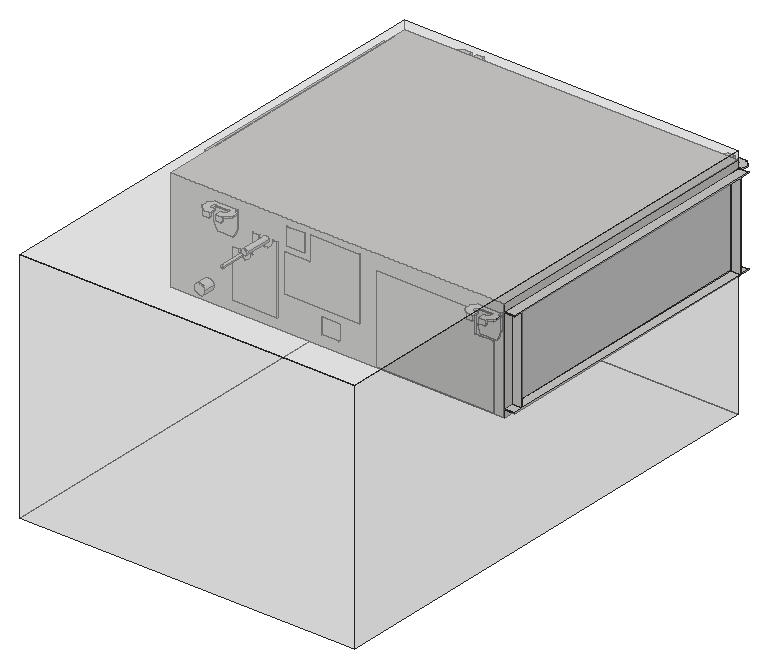
Revit family "outputfile", category 機械設備, Revit 2024
Family settings
  丸型コネクタ寸法 = 半径を使用
  パーツ タイプ = 標準
  OmniClass 番号 = 23.75.10.24.21.27.27
  OmniClass タイトル = Split System Air Conditioning Units
  作業面ベース = いいえ
  常に垂直 = はい
  ロード時にボイドで切り取り = いいえ
  注釈の向きを維持 = いいえ
  共有 = いいえ
  部屋計算ポイント = はい
Parameters (values of type "FBFC13DV2S")
  Description = ""
  製造元 = "Daikin"
  書き出し IFC クラス(タイプ) = "IfcUnitaryEquipmentType"
  定義済み IFC タイプ(タイプ) = "AIRCONDITIONINGUNIT"
  Cost = 0
  モデル = "FBFC13DV2S"
  Type Comments = ""
  Keynote = ""
  Type Image = (empty or 0)
  Assembly Code = ""
  switch_frequency = yes
  r_Liquid Pipe Size = Liquid Pipe Size / 2  # 3.2 mm
  r_Gas Pipe Size = Gas Pipe Size / 2  # 6.35 mm
  r_Drain Pipe Size = Drain Pipe Size / 2  # 12.5 mm
  lw_power = 770.0 mm  # constant formula
  lh_SA = 138.0 mm  # constant formula
  lw_SA = if(Depth = 550.0 mm, 225.0 mm, if(Depth = 700.0 mm, 300.0 mm, if(Depth = 1000.0 mm, 450.0 mm, if(Depth = 1400.0 mm, 650.0 mm, 725.0 mm))))  # 300.0 mm
  lw_RA = if(Depth = 550.0 mm, 275.0 mm, if(Depth = 700.0 mm, 349.0 mm, if(Depth = 1000.0 mm, 499.0 mm, if(Depth = 1400.0 mm, 699.0 mm, 775.0 mm))))  # 349.0 mm
  lh_power = 60.0 mm + [h***]  # 60.0 mm
  lh_mountinghole1 = lh_mountinghole + [h***]  # 222.0 mm
  lh_RA = 123.0 mm  # constant formula
  ld_power = Depth / 2  # 350.0 mm
  connector_voltage = Voltage_50Hz  # 220 V
  connector_powerinput = [Power Input (Cooling)]  # 0.000 kW
  connector_phase = Phase_50Hz  # 1
  Voltage_comment_50Hz = "220 - 240"
  Voltage_50Hz = 220 V
  URL = ""
  Supply Air Direction [instance] = yes
  Sound Power Level_H speed (dB) = 0
  Phase_50Hz = 1
  Minimum External Static Pressure = 30.00 Pa
  Minimum Circuit Amps_50Hz = 0.0 A
  Maximum Fuse Amps_50Hz = 0.0 A
  Maximum External Static Pressure = 130.00 Pa
  Material_Casing = DAIKIN_GalvanizedSteel_Casing_indoorunit
  lw_mountinghole = 630.0 mm  # constant formula
  lh_gaspipe = 183.0 mm + [h***]  # 183.0 mm
  lh_mountinghole = 222.0 mm  # constant formula
  lh_liquidpipe = 136.0 mm + [h***]  # 136.0 mm
  lh_drainpipe = 38.0 mm + [h***]  # 38.0 mm
  lh_antena = Height - lh_mountinghole + 1.0 mm  # 24.0 mm
  ld_drainpipe = Depth / 2 + 26.0 mm  # 376.0 mm
  ld_liquidpipe = Depth / 2 + 69.0 mm  # 419.0 mm
  ld_gaspipe = Depth / 2 + 65.0 mm  # 415.0 mm
  ld_mountinghole = Depth + 38.0 mm  # 738.0 mm
  h*** = 0.0 mm  # constant formula
  lw_liquidpipe = 179.0 mm  # constant formula
  lw_gaspipe = 229.0 mm  # constant formula
  lw_drainpipe = 91.0 mm  # constant formula
  Width = 800.0 mm
  Version = "ver.1.0"
  Unit Type = "M.S.P. Duct"
  Unit Mass Weight = 26.00 kg
  Unit Designation [instance] = ""
  Uniclass2015Version = "Products v1.30"
  Uniclass2015Title = "Split coil room air conditioning units"
  Uniclass2015Code = "Pr_70_65_03_86"
  Total Cooling Capacity [instance] = 0.000 kW
  Sound Pressure Level_M speed (dBA) = 35
  Sound Pressure Level_L speed (dBA) = 30
  Sound Pressure Level_H speed (dBA) = 37
  Series = "SkyAir_Fan Coil Unit"
  Sensible Cooling Capacity [instance] = 0.000 kW
  SA Duct Size Width = 492.0 mm
  SA Duct Size Height = 176.0 mm
  Refrigerant Type = "R32"
  RA Duct Size Width = 654.0 mm
  RA Duct Size Height = 208.0 mm
  Power Input (Cooling) = 0.000 kW
  Option Accessory 3 [instance] = ""
  Option Accessory 2 [instance] = ""
  Option Accessory 1 [instance] = ""
  Nominal Cooling Capacity = 3.800 kW
  Minimum Airflow = 540.00 m³/h
  Median Airflow = 720.00 m³/h
  Maximum Airflow = 930.00 m³/h
  Load Classification = HVAC
  Liquid Pipe Size = 6.4 mm
  Link_Nested Family [instance] = ""
  IfcVersion = ""
  IfcExportType = "AIRCONDITIONINGUNIT"
  IfcExportAs = "IfcUnitaryEquipmentType"
  Height = 245.0 mm
  Heat Exchanger Type = "Cross Fin Coil"
  Gas Pipe Size = 12.7 mm
  Frequency_50Hz = 50 Hz
  Fan Type = "Sirocco Fan"
  Fan Drive = "Direct Drive"
  FCU Tag No. [instance] = ""
  Drain Pipe Size = 25.0 mm
  Design Supply Airflow [instance] = 0.00 m³/h
  Design Return Airflow [instance] = 0.00 m³/h
  Design External Static Pressure [instance] = 0.00 Pa
  Depth = 700.0 mm
  既定の高さ = 0.0 mm
  Cooling Entering Wet Bulb Temperature [instance] = 0.00 °C
  Cooling Entering Dry Bulb Temperature [instance] = 0.00 °C
  Cooling Ambient Wet Bulb Temperature [instance] = 0.00 °C
  Cooling Ambient Dry Bulb Temperature [instance] = 0.00 °C
  Clearance visibility [instance] = yes
  Clearance Top = 20.0 mm
  Clearance Right = 0.0 mm
  Clearance Rear = 0.0 mm
  Clearance Left = 0.0 mm
  Clearance Front = 450.0 mm
  Clearance Bottom = 300.0 mm
Reference planes
  plane 1 "Center (Front/Back)": y = 0
  plane 2 "h": z = 0
  plane 3 "Center (Left/Right)": x = 0
  plane 4 "Back": y = 350
  plane 5 "Front": y = -350
  plane 6 "Left": x = -400
  plane 7 "Right": x = 400
  plane 8 "Top": z = 0
  plane 9 "Bottom": z = -245
  plane 10: y = -215
  plane 11: y = 350
  plane 12: y = -800
  plane 13: x = -400
  plane 14: x = 400
  plane 15: z = 20
  plane 16: z = -545
  plane 17: x = -400
  plane 18: x = -399
  plane 19: x = 399
  plane 20: y = 50
  plane 21: y = -1
  plane 22: z = -122
  plane 23: y = -351
  plane 24: z = -109
  plane 25: x = -221
  plane 26: y = -415
  plane 27: z = -62
  plane 28: x = -171
  plane 29: y = -376
  plane 30: z = -207
  plane 31: x = -309
  plane 32: x = -309
  plane 33: x = -221
  plane 34: x = -171
  plane 35: x = 370
  plane 36: x = -266
  plane 37: x = 364
  plane 38: y = -369
  plane 39: y = 369
  plane 40: z = -23
  plane 41: z = -107
  plane 42: y = -419
  plane 43: y = -376
  plane 44: x = -251
  plane 45: x = -203
  plane 46: x = -144
  plane 47: z = -59
  plane 48: z = -106
  plane 49: z = -221
  plane 50: z = -109
  plane 51: x = -221
  plane 52: z = -62
  plane 53: x = -171
  plane 54: z = -17
  plane 55: z = -59
  plane 56: x = -121
  plane 57: x = -79
  plane 58: x = -125
  plane 59: x = -64
  plane 60: x = 53
  plane 61: z = -164
  plane 62: z = -73
  plane 63: z = -16
  plane 64: x = 93.5
  plane 65: x = 374.5
  plane 66: x = 330
  plane 67: z = -88.5
  plane 68: z = -38
  plane 69: z = -242.5
  plane 70: x = -38.5
  plane 71: x = 6.5
  plane 72: z = -181
  plane 73: z = -221
  plane 74: y = -349
  plane 75: x = -424
  plane 76: x = 424
Forms (mm)
  Extrusion 1, solid, material "DAIKIN_GalvanizedSteel_Casing_indoorunit" <- "Material_Casing"
    sketch origin (0, 0, 0) x (1, 0, 0) y (0, 1, 0)
      loop
        line (-399, 350) -> (-399, -350) -> (399, -350) -> (399, 350) -> (-399, 350)
    from -245 to 0
  Extrusion 2, solid, material "DAIKIN_GalvanizedSteel_Casing_indoorunit" <- "Material_Casing"
    sketch origin (0, 0, 0) x (1, 0, 0) y (0, 0, 1)
      loop
        line (-251, -221) -> (-144, -221) -> (-144, -59) -> (-154.47, -59)
        arc (-154.47, -59) -> (-171, -78.8) -> (-187.53, -59) r 16.8
        line (-187.53, -59) -> (-203, -59) -> (-203, -106) -> (-206.916, -106)
        arc (-206.916, -106) -> (-221, -123.4) -> (-235.084, -106) r 14.4
        line (-235.084, -106) -> (-251, -106) -> (-251, -221)
    from 350 to 351
  Extrusion 3, solid, material "DAIKIN_GalvanizedSteel_Casing_indoorunit" <- "Material_Casing"
    sketch origin (0, 0, 0) x (1, 0, 0) y (0, 0, 1)
      loop
        line (-121, -17) -> (-121, -59) -> (-79, -59) -> (-79, -17) -> (-121, -17)
      loop
        line (-125, -73) -> (-125, -164) -> (53, -164) -> (53, -16) -> (-64, -16) -> (-64, -73) -> (-125, -73)
    from 350 to 351
  Extrusion 4, solid, material "DAIKIN_GalvanizedSteel_Casing_indoorunit" <- "Material_Casing"
    sketch origin (0, 0, 0) x (1, 0, 0) y (0, 0, 1)
      loop
        line (93.5, -38) -> (93.5, -242.5) -> (374.5, -242.5) -> (374.5, -88.5) -> (330, -88.5) -> (330, -38) -> (93.5, -38)
    from 350 to 351
  Extrusion 5, solid, material "DAIKIN_GalvanizedSteel_Casing_indoorunit" <- "Material_Casing"
    sketch origin (0, 0, 0) x (1, 0, 0) y (0, 0, 1)
      loop
        circle (-221, -109) r 3.2
    from 350 to 419
  Extrusion 6, solid, material "DAIKIN_GalvanizedSteel_Casing_indoorunit" <- "Material_Casing"
    sketch origin (0, 0, 0) x (1, 0, 0) y (0, 0, 1)
      loop
        circle (-171, -62) r 6.35
    from 350 to 415
  Extrusion 7, solid, material "DAIKIN_GalvanizedSteel_Casing_indoorunit" <- "Material_Casing"
    sketch origin (0, 0, 0) x (1, 0, 0) y (0, 0, 1)
      loop
        circle (-309, -207) r 12.5
    from 350 to 376
  Extrusion 8, void
    sketch origin (0, 0, 0) x (1, 0, 0) y (0, 0, 1)
      loop
        line (-38.5, -181) -> (-38.5, -221) -> (6.5, -221) -> (6.5, -181) -> (-38.5, -181)
    from 349 to 350
Cuts and joins
  Extrusion 8 cuts Extrusion 1
Dimensions and locks
  "Height": plane 8 "Top" to plane 9 "Bottom"
  equal spacing: plane 4 "Back", plane 1 "Center (Front/Back)", plane 5 "Front"
  "Depth": plane 4 "Back" to plane 5 "Front"
  equal spacing: plane 6 "Left", plane 3 "Center (Left/Right)", plane 7 "Right"
  "Width": plane 6 "Left" to plane 7 "Right"
  "Clearance Left": plane 13 to plane 6 "Left"
  "Clearance Right": plane 7 "Right" to plane 14
  "Clearance Rear": plane 11 to plane 4 "Back"
  "Clearance Front": plane 5 "Front" to plane 12
  "Clearance Top": plane 15 to plane 8 "Top"
  "Clearance Bottom": plane 9 "Bottom" to plane 16
  locked: plane 17 to plane 18 at 1
  locked: plane 19 to plane 14 at 1
  "lw_SA": plane 11 to plane 20
  "lw_RA": plane 21 to plane 5 "Front"
  "lh_RA": plane 22 to plane 9 "Bottom"
  locked: plane 5 "Front" to plane 23 at 1
  "lw_liquidpipe": plane 25 to plane 6 "Left"
  "lh_liquidpipe": plane 24 to plane 9 "Bottom"
  "lh_gaspipe": plane 27 to plane 9 "Bottom"
  "lw_gaspipe": plane 28 to plane 6 "Left"
  "ld_gaspipe": plane 26 to plane 1 "Center (Front/Back)"
  "ld_drainpipe": plane 29 to plane 1 "Center (Front/Back)"
  "lh_drainpipe": plane 30 to plane 9 "Bottom"
  "lw_drainpipe": plane 31 to plane 6 "Left"
  "lw_drainpipe": plane 6 "Left" to plane 32
  "lw_liquidpipe": plane 6 "Left" to plane 33
  "lw_gaspipe": plane 6 "Left" to plane 34
  "lw_power": plane 6 "Left" to plane 35
  locked: plane 17 to plane 36 at 134
  "lw_mountinghole": plane 36 to plane 37
  equal spacing: plane 38, plane 1 "Center (Front/Back)", plane 39
  "ld_mountinghole": plane 39 to plane 38
  "lh_mountinghole": plane 40 to plane 9 "Bottom"
  "lh_SA": plane 41 to plane 9 "Bottom"
  locked: plane 5 "Front" to plane 43 at 26
  plane 46 to plane 45 to plane 44 to plane 6 "Left" = 59.0 mm, 48.0 mm, 149.0 mm
  plane 8 "Top" to plane 47 to plane 48 to plane 49 = 59.0 mm locked, 47.0 mm locked, 115.0 mm locked
  plane 53 to plane 51 to plane 6 "Left" = 50.0 mm locked, 179.0 mm locked
  plane 52 to plane 50 to plane 9 "Bottom" = 47.0 mm locked, 136.0 mm locked
  plane 57 to plane 56 to plane 6 "Left" = 42.0 mm locked, 279.0 mm locked
  plane 8 "Top" to plane 54 to plane 55 = 17.0 mm locked, 42.0 mm locked
  plane 60 to plane 59 to plane 58 to plane 6 "Left" = 117.0 mm, 61.0 mm, 275.0 mm
  plane 8 "Top" to plane 63 to plane 62 = 16.0 mm locked, 57.0 mm locked
  locked: plane 63 to plane 61 at 148
  plane 8 "Top" to plane 68 to plane 67 to plane 69 = 38.0 mm locked, 50.5 mm locked, 154.0 mm locked
  plane 65 to plane 66 to plane 64 to plane 6 "Left" = 44.5 mm locked, 236.5 mm locked, 493.5 mm locked
  plane 8 "Top" to plane 72 to plane 73 = 181.0 mm locked, 40.0 mm locked
  plane 71 to plane 70 to plane 6 "Left" = 45.0 mm, 361.5 mm
  locked: plane 74 to plane 5 "Front" at 1
  locked: plane 75 to plane 17 at 24
  locked: plane 14 to plane 76 at 24
  "ld_liquidpipe": plane 42 to plane 1 "Center (Front/Back)"
  "r_Liquid Pipe Size": radius of Extrusion 5 sketch curve
  "r_Gas Pipe Size": radius of Extrusion 6 sketch curve
  "r_Drain Pipe Size": radius of Extrusion 7 sketch curve
  aligned and locked: level to plane 2 "h"
  aligned and locked: plane 8 "Top" to Extrusion 1
  aligned and locked: Extrusion 1 to plane 9 "Bottom"
  aligned and locked: nested 5 to plane 12
  aligned and locked: plane 13 to nested 5
  aligned and locked: plane 14 to nested 5
  aligned and locked: nested 5 to plane 13
  aligned and locked: plane 11 to nested 5
  aligned and locked: plane 15 to nested 5
  aligned and locked: plane 16 to nested 5
  aligned and locked: plane 5 "Front" to Extrusion 1 sketch curve
  aligned and locked: Extrusion 1 to plane 18
  aligned and locked: plane 19 to Extrusion 1
  aligned and locked: nested 7 to plane 18
  aligned and locked: nested 7 to plane 20
  aligned and locked: plane 19 to nested 8
  aligned and locked: plane 21 to nested 8
  aligned and locked: plane 22 to nested 8
  aligned and locked: Extrusion 2 to plane 23
  aligned and locked: plane 5 "Front" to Extrusion 2
  aligned and locked: Extrusion 3 to plane 23
  aligned and locked: plane 5 "Front" to Extrusion 3
  aligned and locked: plane 5 "Front" to Extrusion 4
  aligned and locked: Extrusion 5 sketch curve to plane 25
  aligned and locked: plane 24 to Extrusion 5 sketch curve
  aligned and locked: plane 5 "Front" to Extrusion 5
  aligned and locked: Extrusion 6 sketch curve to plane 28
  aligned and locked: plane 27 to Extrusion 6 sketch curve
  aligned and locked: plane 5 "Front" to Extrusion 6
  aligned and locked: Extrusion 7 sketch curve to plane 31
  aligned and locked: plane 30 to Extrusion 7 sketch curve
  aligned and locked: Extrusion 7 to plane 29
  aligned and locked: nested 3 to plane 29
  aligned and locked: plane 32 to nested 3
  aligned and locked: nested 2 to plane 33
  aligned and locked: nested 1 to plane 34
  aligned and locked: Extrusion 6 to plane 26
  aligned and locked: nested 1 to plane 26
  aligned and locked: nested 6 to plane 5 "Front"
  aligned and locked: nested 6 to plane 35
  aligned and locked: plane 36 to nested 10
  aligned and locked: nested 10 to plane 5 "Front"
  aligned and locked: plane 37 to nested 9
  aligned and locked: nested 9 to plane 5 "Front"
  aligned and locked: nested 11 to plane 36
  aligned and locked: plane 4 "Back" to nested 11
  aligned and locked: nested 12 to plane 37
  aligned and locked: plane 4 "Back" to nested 12
  aligned and locked: plane 40 to nested 10
  aligned and locked: plane 40 to nested 11
  aligned and locked: plane 40 to nested 9
  aligned and locked: plane 40 to nested 12
  aligned and locked: plane 36 to nested 14
  aligned and locked: nested 14 to plane 39
  aligned and locked: plane 37 to nested 13
  aligned and locked: nested 13 to plane 39
  aligned and locked: plane 37 to nested 16
  aligned and locked: plane 38 to nested 16
  aligned and locked: plane 38 to nested 15
  aligned and locked: plane 36 to nested 15
  aligned and locked: plane 17 to plane 6 "Left"
  aligned and locked: plane 41 to nested 7
  aligned and locked: Extrusion 5 to plane 42
  aligned and locked: nested 2 to plane 42
  aligned and locked: Extrusion 3 sketch curve to plane 54
  aligned and locked: Extrusion 3 sketch curve to plane 56
  aligned and locked: plane 55 to Extrusion 3 sketch curve
  aligned and locked: plane 57 to Extrusion 3 sketch curve
  aligned and locked: Extrusion 4 to plane 23
  aligned and locked: Extrusion 8 sketch curve to plane 72
  aligned and locked: plane 73 to Extrusion 8 sketch curve
  aligned and locked: plane 71 to Extrusion 8 sketch curve
  aligned and locked: plane 5 "Front" to Extrusion 8
  aligned and locked: plane 74 to Extrusion 8
  aligned and locked: nested 17 to plane 20
  aligned and locked: nested 17 to plane 75
  aligned and locked: plane 21 to nested 18
  aligned and locked: plane 76 to nested 18
  aligned and locked: plane 41 to nested 17
  aligned and locked: nested 18 to plane 22
  aligned and locked: nested 4 to plane 3 "Center (Left/Right)"
  aligned and locked: plane 1 "Center (Front/Back)" to nested 4
  aligned and locked: level to plane 8 "Top"
  aligned and locked: plane 5 "Front" to Extrusion 7
Automatic sketch dimensions
  plane 6 "Left" to Extrusion 1 sketch curve = 1.0 mm
  Extrusion 1 sketch curve to plane 7 "Right" = 1.0 mm
  Extrusion 1 sketch curve to plane 4 "Back" = 0.0 mm
  Extrusion 2 sketch curve to plane 44 = 0.0 mm
  Extrusion 2 sketch curve to plane 33 = 0.0 mm
  Extrusion 2 sketch curve to plane 45 = 0.0 mm
  Extrusion 2 sketch curve to plane 34 = 0.0 mm
  Extrusion 2 sketch curve to plane 46 = 0.0 mm
  Extrusion 2 sketch curve to plane 49 = 0.0 mm
  Extrusion 2 sketch curve to plane 50 = 0.0 mm
  Extrusion 2 sketch curve to plane 48 = 0.0 mm  (x3)
  Extrusion 2 sketch curve to plane 52 = 0.0 mm
  Extrusion 2 sketch curve to plane 47 = 0.0 mm  (x3)
  plane 33 to Extrusion 2 sketch curve = 14.084 mm
  plane 34 to Extrusion 2 sketch curve = 16.53 mm
  Extrusion 3 sketch curve to plane 58 = 0.0 mm
  Extrusion 3 sketch curve to plane 59 = 0.0 mm
  Extrusion 3 sketch curve to plane 60 = 0.0 mm
  Extrusion 3 sketch curve to plane 61 = 0.0 mm
  Extrusion 3 sketch curve to plane 62 = 0.0 mm
  Extrusion 3 sketch curve to plane 63 = 0.0 mm
  Extrusion 4 sketch curve to plane 64 = 0.0 mm
  Extrusion 4 sketch curve to plane 66 = 0.0 mm
  Extrusion 4 sketch curve to plane 65 = 0.0 mm
  Extrusion 4 sketch curve to plane 69 = 0.0 mm
  Extrusion 4 sketch curve to plane 67 = 0.0 mm
  Extrusion 4 sketch curve to plane 68 = 0.0 mm
  Extrusion 8 sketch curve to plane 70 = 0.0 mm
Nested families
  nested 1: "daikin_connector_rotate2" at (-171, 0, -62), length <- "ld_gaspipe", built-in parameter 1001364 <- "lh_gaspipe", radius <- "r_Gas Pipe Size", type "daikin_connector_rotate2"
    with radius 6.35 mm, length 415.0 mm, angle_vertical 90.00°
  nested 2: "daikin_connector_rotate2" at (-221, 0, -109), length <- "ld_liquidpipe", built-in parameter 1001364 <- "lh_liquidpipe", radius <- "r_Liquid Pipe Size", type "daikin_connector_rotate2"
    with radius 3.2 mm, length 419.0 mm, angle_vertical 90.00°
  nested 3: "daikin_connector_rotate2" at (-309, 0, -207), length <- "ld_drainpipe", built-in parameter 1001364 <- "lh_drainpipe", radius <- "r_Drain Pipe Size", type "daikin_connector_rotate2"
    with radius 12.5 mm, length 376.0 mm, angle_vertical 90.00°
  nested 4: "daikin_△_symbolicline" at (0, 0, 245) x (0, -1, 0) z (0, 0, 1), built-in parameter 1001364 <- "Height", visible <- "Supply Air Direction", type "daikin_△_symbolicline"
    with length 200.0 mm
  nested 5: "daikin_clearancespace" at (0, -225, -262.381), visible <- "Clearance visibility", show <- "Clearance visibility", Link_Nested Family <- "Link_Nested Family", type "daikin_clearancespace"
    with width 800.0 mm, show yes, height 565.0 mm, depth 1150.0 mm, Link_Nested Family ""
  nested 6: "daikin_connector_rotate2" at (370, 0, -185), built-in parameter 1001364 <- "lh_power", length <- "ld_power", type "daikin_connector_rotate2"
    with radius 10.0 mm, length 350.0 mm, angle_vertical 90.00°
  nested 7: "daikin_ductflange_FBFC-DV2S2" at (-399, 50, -107) x (0, -1, 0) z (0, 0, 1), type "daikin_ductflange_FBFC-DV2S2"
    with width 492.0 mm, w 700.0 mm
  nested 8: "daikin_ductflange_FBFC-DV2S" at (399, -1, -122) x (0, 1, 0) z (0, 0, 1), type "daikin_ductflange_FBFC-DV2S"
  nested 9: "daikin_hangerfixture_FBFC-DV2S" at (364, -350, -23), type "daikin_hangerfixture_FBFC-DV2S"
  nested 10: "daikin_hangerfixture_FBFC-DV2S" at (-266, -350, -23), type "daikin_hangerfixture_FBFC-DV2S"
  nested 11: "daikin_hangerfixture_FBFC-DV2S" at (-266, 350, -23) x (-1, 0, 0) z (0, 0, 1), type "daikin_hangerfixture_FBFC-DV2S"
  nested 12: "daikin_hangerfixture_FBFC-DV2S" at (364, 350, -23) x (-1, 0, 0) z (0, 0, 1), type "daikin_hangerfixture_FBFC-DV2S"
  nested 13: "daikin_mountinghole" at (364, 369, -245), h_mountinghole <- "lh_mountinghole1", l_antenna <- "lh_antena", Link_Nested Family <- "Link_Nested Family", type "daikin_mountinghole"
    with show yes, l_antenna 24.0 mm, h_mountinghole 222.0 mm, Link_Nested Family ""
  nested 14: "daikin_mountinghole" at (-266, 369, -245), h_mountinghole <- "lh_mountinghole1", l_antenna <- "lh_antena", Link_Nested Family <- "Link_Nested Family", type "daikin_mountinghole"
    with show yes, l_antenna 24.0 mm, h_mountinghole 222.0 mm, Link_Nested Family ""
  nested 15: "daikin_mountinghole" at (-266, -369, -245), h_mountinghole <- "lh_mountinghole1", l_antenna <- "lh_antena", Link_Nested Family <- "Link_Nested Family", type "daikin_mountinghole"
    with show yes, l_antenna 24.0 mm, h_mountinghole 222.0 mm, Link_Nested Family ""
  nested 16: "daikin_mountinghole" at (364, -369, -245), h_mountinghole <- "lh_mountinghole1", l_antenna <- "lh_antena", Link_Nested Family <- "Link_Nested Family", type "daikin_mountinghole"
    with show yes, l_antenna 24.0 mm, h_mountinghole 222.0 mm, Link_Nested Family ""
  nested 17: "daikin_connector_rotate2" at (-400, 50, -107) x (0, -1, 0) z (0, 0, 1), type "daikin_connector_rotate2"
    with radius 10.0 mm, length 24.0 mm, angle_vertical 90.00°
  nested 18: "daikin_connector_rotate2" at (400, -1, -122) x (0, 1, 0) z (0, 0, 1), type "daikin_connector_rotate2"
    with radius 10.0 mm, length 24.0 mm, angle_vertical 90.00°
Connectors
  piping at (-309, -376, -207), diameter 25, driven by "r_Drain Pipe Size"
    settings: on nested 3, index 3, connector inside diameter 609.6 mm, connector length 0.0 mm, flow factor 0, pipe flow 0.00 m³/h, pressure drop 0.0 Pa, fitting loss kfactor 0, connector angle 0.00°, fixture units 0, engagement length 0.0 mm, angle of deflection 0.00°, flow configuration 1, flow direction 2, fitting loss method 4, system type 16, joint type 0, gender type 0, connector reference index -1, connector utility 0, adjustable connector no, is connector primary yes, connector description "Condensate Drain Piping"
  piping at (-171, -415, -62), diameter 12.7, driven by "r_Gas Pipe Size"
    settings: on nested 1, index 4, connector inside diameter 609.6 mm, connector length 0.0 mm, flow factor 0, pipe flow 0.00 m³/h, pressure drop 0.0 Pa, fitting loss kfactor 0, connector angle 0.00°, fixture units 0, engagement length 0.0 mm, angle of deflection 0.00°, flow configuration 1, flow direction 2, fitting loss method 0, system type 29, joint type 0, gender type 0, connector reference index -1, connector utility 0, adjustable connector no, is connector primary no, connector description "Refrigerant Gas Piping"
  piping at (-221, -419, -109), diameter 6.4, driven by "r_Liquid Pipe Size"
    settings: on nested 2, index 5, connector inside diameter 609.6 mm, connector length 0.0 mm, flow factor 0, pipe flow 0.00 m³/h, pressure drop 0.0 Pa, fitting loss kfactor 0, connector angle 0.00°, fixture units 0, engagement length 0.0 mm, angle of deflection 0.00°, flow configuration 1, flow direction 1, fitting loss method 0, system type 29, joint type 0, gender type 0, connector reference index -1, connector utility 0, adjustable connector no, is connector primary no, connector description "Refrigerant Liquid Piping"
  electrical at (370, -350, -185), driven by "Load Classification", driven by "connector_powerinput", driven by "connector_phase", driven by "connector_voltage"
    settings: on nested 6, index 6, voltage 220 V, apparent load 0 VA, apparent load phase1 0 VA, apparent load phase2 0 VA, apparent load phase3 0 VA, power factor 1, load classification "HVAC", number of poles 1, system type 30, power factor state 1, is connector primary yes, connector utility no, sub classification motor no, connector description "Power Supply"
  hvac at (-424, 50, -107), driven by "SA Duct Size Height", driven by "SA Duct Size Width"
    settings: on nested 17, index 7, duct flow 0.00 m³/h, flow factor 0, pres drop 0.00 Pa, loss coef 0, conn angle 0.00°, conn width 492.0 mm, conn height 176.0 mm, conn diameter 609.6 mm, duct sys type 1, conn prof type 1, flow config 0, flow direction 2, loss method 4, conn ref index -1, conn util no, is conn primary yes, conn desc "SA Duct"
  hvac at (424, -1, -122), driven by "RA Duct Size Height", driven by "RA Duct Size Width"
    settings: on nested 18, index 8, duct flow 0.00 m³/h, flow factor 0, pres drop 0.00 Pa, loss coef 0, conn angle 0.00°, conn width 654.0 mm, conn height 208.0 mm, conn diameter 609.6 mm, duct sys type 2, conn prof type 1, flow config 0, flow direction 1, loss method 4, conn ref index -1, conn util no, is conn primary no, conn desc "RA Duct"
Definition of nested family "daikin_clearancespace"
  Parameters (values of type "daikin_clearancespace")
    Description = "daikin_clearancespace"
    width [instance] = 1823.963 mm
    show [instance] = yes
    material = none
    height [instance] = 1359.762 mm
    depth [instance] = 880.0 mm
    Default Elevation = 0.0 mm
    Link_Nested Family [instance] = ""
  Reference planes
    plane 1 "Center (Front/Back)": y = 0
    plane 2 "Center (Elevation)": z = -0.119
    plane 3 "Center (Left/Right)": x = 0
    plane 4: y = 440
    plane 5: y = -440
    plane 6 "Right": x = 911.982
    plane 7 "Left": x = -911.982
    plane 8 "Top": z = 679.762
    plane 9 "Bottom": z = -680
  Forms (mm)
    Extrusion 1, solid, material <- "material", visible <- "show"
      sketch origin (0, 0, 0) x (1, 0, 0) y (0, 1, 0)
        loop
          line (-911.982, 440) -> (-911.982, -440) -> (911.982, -440) -> (911.982, 440) -> (-911.982, 440)
      from -680 to 679.762
  Lines and regions (mm)
    symbolic lines, visible <- "show"
      curve 1: line (911.982, 440, 0) -> (-911.982, 440, 0)
      curve 2: line (-911.982, 440, 0) -> (-911.982, -440, 0)
      curve 3: line (-911.982, -440, 0) -> (911.982, -440, 0)
      curve 4: line (911.982, -440, 0) -> (911.982, 440, 0)
      curve 5: line (911.982, 0, 679.762) -> (-911.982, 0, 679.762)
      curve 6: line (911.982, 0, -680) -> (911.982, 0, 679.762)
      curve 7: line (-911.982, 0, -680) -> (911.982, 0, -680)
      curve 8: line (-911.982, 0, 679.762) -> (-911.982, 0, -680)
      curve 9: line (0, 440, 679.762) -> (0, -440, 679.762)
      curve 10: line (0, -440, 679.762) -> (0, -440, -680)
      curve 11: line (0, 440, -680) -> (0, 440, 679.762)
      curve 12: line (0, -440, -680) -> (0, 440, -680)
  Dimensions and locks
    "width": plane 7 "Left" to plane 6 "Right"
    "depth": plane 4 to plane 5
    "height": plane 8 "Top" to plane 9 "Bottom"
    equal spacing: plane 7 "Left", plane 3 "Center (Left/Right)", plane 6 "Right"
    equal spacing: plane 4, plane 1 "Center (Front/Back)", plane 5
    equal spacing: plane 8 "Top", plane 2 "Center (Elevation)", plane 9 "Bottom"
    aligned and locked: level to plane 2 "Center (Elevation)"
    aligned and locked: Extrusion 1 sketch curve to plane 4
    aligned and locked: plane 7 "Left" to Extrusion 1 sketch curve
    aligned and locked: Extrusion 1 sketch curve to plane 5
    aligned and locked: Extrusion 1 sketch curve to plane 6 "Right"
    aligned and locked: plane 8 "Top" to Extrusion 1
    aligned and locked: curve 1 to Extrusion 1
    aligned and locked: curve 2 to Extrusion 1
    aligned and locked: curve 3 to Extrusion 1
    aligned and locked: curve 4 to Extrusion 1
    aligned and locked: curve 5 to Extrusion 1
    aligned and locked: curve 6 to Extrusion 1
    aligned and locked: curve 7 to Extrusion 1
    aligned and locked: curve 8 to Extrusion 1
    aligned and locked: curve 9 to Extrusion 1
    aligned and locked: curve 10 to Extrusion 1
    aligned and locked: curve 11 to Extrusion 1
    aligned and locked: curve 12 to Extrusion 1
    aligned and locked: Extrusion 1 to plane 9 "Bottom"
Definition of nested family "daikin_ductflange_FBFC-DV2S2"
  Parameters (values of type "daikin_ductflange_FBFC-DVMG2")
    width = if(w = 550.0 mm, 337.0 mm, if(w = 700.0 mm, 492.0 mm, if(w = 1000.0 mm, 792.0 mm, if(w = 1400.0 mm, 1192.0 mm, 1337.0 mm))))  # 1192.0 mm
    material = none
    height = 215.0 mm
    depth = 1.0 mm
    w = 1400.0 mm
    Default Elevation = 0.0 mm
  Reference planes
    plane 1 "Center (Front/Back)": y = 0
    plane 2: z = 0
    plane 3 "Center (Left/Right)": x = 0
    plane 4: z = 88
    plane 5: z = -88
    plane 6: y = -25
    plane 7: z = 106
    plane 8: z = 89
    plane 9: y = -1
    plane 10: x = -617.5
    plane 11: x = 617.5
    plane 12: z = -106
    plane 13: z = -89
    plane 14: y = -1
    plane 15: x = 596
    plane 16: x = -596
    plane 17: x = 597
    plane 18: z = 87
    plane 19: z = -87
    plane 20: x = -597
    plane 21: z = 87
    plane 22: z = -87
    plane 23: y = -1
  Forms (mm)
    Extrusion 1, solid, material <- "material"
      sketch origin (0, 0, 0) x (0, 1, 0) y (0, 0, 1)
        loop
          line (-25, 88) -> (0, 88) -> (0, 106) -> (-1, 106) -> (-1, 89) -> (-25, 89) -> (-25, 88)
      from -617.5 to 617.5
    Extrusion 2, solid, material <- "material"
      sketch origin (0, 0, 0) x (0, 1, 0) y (0, 0, 1)
        loop
          line (-25, -88) -> (-25, -89) -> (-1, -89) -> (-1, -106) -> (0, -106) -> (0, -88) -> (-25, -88)
      from -617.5 to 617.5
    Extrusion 3, solid, material <- "material"
      sketch origin (0, 0, 0) x (1, 0, 0) y (0, 0, 1)
        loop
          line (596, 88) -> (596, -88) -> (617.5, -88) -> (617.5, -87) -> (597, -87) -> (597, 87) -> (617.5, 87) -> (617.5, 88) -> (596, 88)
      from 0 to 25
    Extrusion 4, solid, material <- "material"
      sketch origin (0, 0, 0) x (1, 0, 0) y (0, 0, 1)
        loop
          line (-617.5, 88) -> (-617.5, 87) -> (-597, 87) -> (-597, -87) -> (-617.5, -87) -> (-617.5, -88) -> (-596, -88) -> (-596, 88) -> (-617.5, 88)
      from 0 to 25
    Extrusion 5, solid, material <- "material"
      sketch origin (0, 0, 0) x (1, 0, 0) y (0, 0, 1)
        loop
          line (-617.5, 88) -> (-617.5, -88) -> (-596, -88) -> (-596, 88) -> (-617.5, 88)
        loop
          line (617.5, 88) -> (596, 88) -> (596, -88) -> (617.5, -88) -> (617.5, 88)
      from 0 to 1
  Cuts and joins
    joined: Extrusion 1, Extrusion 2, Extrusion 3, Extrusion 4, Extrusion 5
  Dimensions and locks
    plane 4 to level to plane 5 = 88.0 mm, 88.0 mm
    locked: plane 6 to plane 1 "Center (Front/Back)" at 25
    locked: plane 9 to plane 1 "Center (Front/Back)" at 1
    locked: plane 8 to plane 4 at 1
    locked: plane 16 to plane 10 at 21.5
    locked: plane 17 to plane 15 at 1
    locked: plane 4 to plane 18 at 1
    locked: plane 19 to plane 5 at 1
    "width": plane 15 to plane 16
    plane 4 to plane 5 = 176.0 mm
    locked: plane 16 to plane 20 at 1
    locked: plane 4 to plane 21 at 1
    locked: plane 22 to plane 5 at 1
    locked: plane 23 to plane 1 "Center (Front/Back)" at 1
    plane 4 to level to plane 5 = 88.0 mm locked, 88.0 mm locked
    locked: plane 5 to plane 13 at 1
    locked: plane 5 to plane 12 at 18
    locked: plane 7 to plane 4 at 18
    equal spacing: plane 15, plane 3 "Center (Left/Right)", plane 16
    locked: plane 11 to plane 15 at 21.5
    plane 11 to plane 10 = 1235.0 mm
    aligned and locked: level to plane 2
    aligned and locked: Extrusion 1 to plane 10
    aligned and locked: plane 11 to Extrusion 1
    aligned and locked: plane 5 to Extrusion 2
    aligned and locked: Extrusion 2 to plane 1 "Center (Front/Back)"
    aligned and locked: plane 15 to Extrusion 3 sketch curve
    aligned and locked: Extrusion 3 sketch curve to Extrusion 2  (x2)
    aligned and locked: Extrusion 3 sketch curve to plane 11
    aligned and locked: plane 6 to Extrusion 3
    aligned and locked: Extrusion 2 to plane 10
    aligned and locked: plane 11 to Extrusion 2
    aligned and locked: Extrusion 4 sketch curve to Extrusion 1  (x2)
    aligned and locked: plane 5 to Extrusion 4 sketch curve
    aligned and locked: Extrusion 4 sketch curve to plane 16
    aligned and locked: Extrusion 4 sketch curve to plane 22
    aligned and locked: plane 20 to Extrusion 4 sketch curve
    aligned and locked: plane 21 to Extrusion 4 sketch curve
    aligned and locked: Extrusion 4 to plane 1 "Center (Front/Back)"
    aligned and locked: plane 6 to Extrusion 4
    aligned and locked: Extrusion 5 sketch curve to Extrusion 1  (x4)
    aligned and locked: Extrusion 5 sketch curve to Extrusion 4  (x2)
    aligned and locked: Extrusion 5 sketch curve to Extrusion 3  (x2)
    aligned and locked: Extrusion 5 to plane 1 "Center (Front/Back)"
    aligned and locked: plane 23 to Extrusion 5
  Automatic sketch dimensions
    Extrusion 1 sketch curve to plane 6 = 0.0 mm
    Extrusion 1 sketch curve to plane 7 = 0.0 mm
    Extrusion 1 sketch curve to plane 9 = 0.0 mm
    Extrusion 1 sketch curve to plane 1 "Center (Front/Back)" = 0.0 mm
    Extrusion 1 sketch curve to plane 4 = 0.0 mm
    Extrusion 1 sketch curve to plane 8 = 0.0 mm
    Extrusion 2 sketch curve to plane 6 = 0.0 mm
    plane 12 to Extrusion 2 sketch curve = 0.0 mm
    Extrusion 2 sketch curve to plane 14 = 0.0 mm
    Extrusion 2 sketch curve to plane 1 "Center (Front/Back)" = 0.0 mm
    plane 13 to Extrusion 2 sketch curve = 0.0 mm
    Extrusion 2 sketch curve to plane 5 = 0.0 mm
    Extrusion 3 sketch curve to plane 17 = 0.0 mm
    Extrusion 3 sketch curve to plane 19 = 0.0 mm
    Extrusion 3 sketch curve to plane 18 = 0.0 mm
    Extrusion 3 sketch curve to plane 4 = 0.0 mm
    Extrusion 4 sketch curve to plane 10 = 0.0 mm
Definition of nested family "daikin_ductflange_FBFC-DV2S"
  Parameters (values of type "daikin_ductflange_FBFC-DVMG")
    width = if(w = 550.0 mm, 502.0 mm, if(w = 700.0 mm, 654.0 mm, if(w = 1000.0 mm, 952.0 mm, if(w = 1400.0 mm, 1352.0 mm, 1502.0 mm))))  # 654.0 mm
    material = none
    lw = if(width = 654.0 mm, 23.0 mm, 25.0 mm)  # 23.0 mm
    height = 208.0 mm
    depth = 1.0 mm
    w = 700.0 mm
    Default Elevation = 0.0 mm
  Reference planes
    plane 1 "Center (Front/Back)": y = 0
    plane 2: z = 0
    plane 3 "Center (Left/Right)": x = 0
    plane 4: z = 104
    plane 5: z = -104
    plane 6: y = -25
    plane 7: z = 121
    plane 8: z = 105
    plane 9: y = -1
    plane 10: x = -350
    plane 11: x = 350
    plane 12: z = -122
    plane 13: z = -105
    plane 14: y = -1
    plane 15: x = 327
    plane 16: x = -327
    plane 17: x = 328
    plane 18: z = 103
    plane 19: z = -103
    plane 20: x = -328
    plane 21: z = 103
    plane 22: z = -103
    plane 23: y = -1
  Forms (mm)
    Extrusion 1, solid, material <- "material"
      sketch origin (0, 0, 0) x (0, 1, 0) y (0, 0, 1)
        loop
          line (-25, 104) -> (0, 104) -> (0, 121) -> (-1, 121) -> (-1, 105) -> (-25, 105) -> (-25, 104)
      from -350 to 350
    Extrusion 2, solid, material <- "material"
      sketch origin (0, 0, 0) x (0, 1, 0) y (0, 0, 1)
        loop
          line (-25, -104) -> (-25, -105) -> (-1, -105) -> (-1, -122) -> (0, -122) -> (0, -104) -> (-25, -104)
      from -350 to 350
    Extrusion 3, solid, material <- "material"
      sketch origin (0, 0, 0) x (1, 0, 0) y (0, 0, 1)
        loop
          line (327, 104) -> (327, -104) -> (350, -104) -> (350, -103) -> (328, -103) -> (328, 103) -> (350, 103) -> (350, 104) -> (327, 104)
      from 0 to 25
    Extrusion 4, solid, material <- "material"
      sketch origin (0, 0, 0) x (1, 0, 0) y (0, 0, 1)
        loop
          line (-350, 104) -> (-350, 103) -> (-328, 103) -> (-328, -103) -> (-350, -103) -> (-350, -104) -> (-327, -104) -> (-327, 104) -> (-350, 104)
      from 0 to 25
    Extrusion 5, solid, material <- "material"
      sketch origin (0, 0, 0) x (1, 0, 0) y (0, 0, 1)
        loop
          line (-350, 104) -> (-350, -104) -> (-327, -104) -> (-327, 104) -> (-350, 104)
        loop
          line (350, 104) -> (327, 104) -> (327, -104) -> (350, -104) -> (350, 104)
      from 0 to 1
  Cuts and joins
    joined: Extrusion 1, Extrusion 2, Extrusion 3, Extrusion 4, Extrusion 5
  Dimensions and locks
    plane 4 to level to plane 5 = 104.0 mm, 104.0 mm
    locked: plane 6 to plane 1 "Center (Front/Back)" at 25
    locked: plane 9 to plane 1 "Center (Front/Back)" at 1
    locked: plane 8 to plane 4 at 1
    "lw": plane 11 to plane 15
    "lw": plane 16 to plane 10
    locked: plane 17 to plane 15 at 1
    locked: plane 4 to plane 18 at 1
    locked: plane 19 to plane 5 at 1
    "width": plane 15 to plane 16
    equal spacing: plane 15, plane 3 "Center (Left/Right)", plane 16
    locked: plane 16 to plane 20 at 1
    locked: plane 4 to plane 21 at 1
    locked: plane 22 to plane 5 at 1
    locked: plane 23 to plane 1 "Center (Front/Back)" at 1
    locked: plane 7 to plane 4 at 17
    locked: plane 1 "Center (Front/Back)" to plane 14 at 1
    locked: plane 5 to plane 13 at 1
    "height": plane 4 to plane 5
    plane 11 to plane 10 = 700.0 mm
    locked: plane 12 to plane 13 at 17
    equal spacing: plane 4, level, plane 5
    aligned and locked: level to plane 2
    aligned and locked: Extrusion 1 to plane 10
    aligned and locked: plane 11 to Extrusion 1
    aligned and locked: plane 5 to Extrusion 2
    aligned and locked: Extrusion 2 to plane 1 "Center (Front/Back)"
    aligned and locked: plane 15 to Extrusion 3 sketch curve
    aligned and locked: Extrusion 3 sketch curve to Extrusion 2  (x2)
    aligned and locked: Extrusion 3 sketch curve to plane 11
    aligned and locked: plane 6 to Extrusion 3
    aligned and locked: Extrusion 2 to plane 10
    aligned and locked: plane 11 to Extrusion 2
    aligned and locked: Extrusion 4 sketch curve to Extrusion 1  (x2)
    aligned and locked: plane 5 to Extrusion 4 sketch curve
    aligned and locked: Extrusion 4 sketch curve to plane 16
    aligned and locked: Extrusion 4 sketch curve to plane 22
    aligned and locked: plane 20 to Extrusion 4 sketch curve
    aligned and locked: plane 21 to Extrusion 4 sketch curve
    aligned and locked: Extrusion 4 to plane 1 "Center (Front/Back)"
    aligned and locked: plane 6 to Extrusion 4
    aligned and locked: Extrusion 5 sketch curve to Extrusion 1  (x4)
    aligned and locked: Extrusion 5 sketch curve to Extrusion 4  (x2)
    aligned and locked: Extrusion 5 sketch curve to Extrusion 3  (x2)
    aligned and locked: Extrusion 5 to plane 1 "Center (Front/Back)"
    aligned and locked: plane 23 to Extrusion 5
  Automatic sketch dimensions
    Extrusion 1 sketch curve to plane 6 = 0.0 mm
    Extrusion 1 sketch curve to plane 7 = 0.0 mm
    Extrusion 1 sketch curve to plane 9 = 0.0 mm
    Extrusion 1 sketch curve to plane 1 "Center (Front/Back)" = 0.0 mm
    Extrusion 1 sketch curve to plane 4 = 0.0 mm
    Extrusion 1 sketch curve to plane 8 = 0.0 mm
    Extrusion 2 sketch curve to plane 6 = 0.0 mm
    plane 12 to Extrusion 2 sketch curve = 0.0 mm
    Extrusion 2 sketch curve to plane 14 = 0.0 mm
    Extrusion 2 sketch curve to plane 1 "Center (Front/Back)" = 0.0 mm
    plane 13 to Extrusion 2 sketch curve = 0.0 mm
    Extrusion 2 sketch curve to plane 5 = 0.0 mm
    Extrusion 3 sketch curve to plane 17 = 0.0 mm
    Extrusion 3 sketch curve to plane 19 = 0.0 mm
    Extrusion 3 sketch curve to plane 18 = 0.0 mm
    Extrusion 3 sketch curve to plane 4 = 0.0 mm
    Extrusion 4 sketch curve to plane 10 = 0.0 mm
Definition of nested family "daikin_hangerfixture_FBFC-DV2S"
  Parameters (values of type "daikin_hangerfixture_FXMQ-PAVE")
    width = 72.0 mm
    material = none
    height = 60.0 mm
    depth = 41.0 mm
    Default Elevation = 0.0 mm
  Reference planes
    plane 1 "Center (Front/Back)": y = 0
    plane 2: z = 0
    plane 3 "Center (Left/Right)": x = 0
    plane 4: y = 417.146
    plane 5: y = -41
    plane 6: x = -36
    plane 7: x = 36
    plane 8: z = -2.3
    plane 9: z = -60
    plane 10: y = -2.3
    plane 11: z = -12
    plane 12: y = -38.7
  Forms (mm)
    Extrusion 1, solid, material <- "material"
      sketch origin (0, 0, 0) x (1, 0, 0) y (0, 1, 0)
        loop
          line (-28, 0) -> (-28, -5)
          arc (-28, -5) -> (-29.127, -8.162) -> (-32, -9.899) r 5
          arc (-32, -9.899) -> (-34.873, -11.636) -> (-36, -14.798) r 5
          line (-36, -14.798) -> (-36, -27.178)
          arc (-36, -27.178) -> (-35.429, -29.499) -> (-33.846, -31.289) r 5
          line (-33.846, -31.289) -> (-23, -38.798) -> (-23, -41.098) -> (-6.5, -41.098) -> (-6.5, -28.498)
          arc (-6.5, -28.498) -> (-7.379, -26.377) -> (-9.5, -25.498) r 3
          line (-9.5, -25.498) -> (-13.5, -25.498)
          arc (-13.5, -25.498) -> (-20, -18.998) -> (-13.5, -12.498) r 6.5
          line (-13.5, -12.498) -> (13.5, -12.498)
          arc (13.5, -12.498) -> (20, -18.998) -> (13.5, -25.498) r 6.5
          line (13.5, -25.498) -> (9.5, -25.498)
          arc (9.5, -25.498) -> (7.379, -26.377) -> (6.5, -28.498) r 3
          line (6.5, -28.498) -> (6.5, -41.098) -> (23, -41.098) -> (23, -38.798) -> (33.846, -31.289)
          arc (33.846, -31.289) -> (35.429, -29.499) -> (36, -27.178) r 5
          line (36, -27.178) -> (36, -14.596)
          arc (36, -14.596) -> (34.873, -11.434) -> (32, -9.697) r 5
          arc (32, -9.697) -> (29.127, -7.96) -> (28, -4.798) r 5
          line (28, -4.798) -> (28, 0) -> (-28, 0)
      from 0 to -2.3
    Extrusion 2, solid, material <- "material"
      sketch origin (0, 0, 0) x (1, 0, 0) y (0, 0, 1)
        loop
          line (28, -39.037) -> (28, 0) -> (-28, 0) -> (-28, -39.037)
          arc (-28, -39.037) -> (-27.91, -39.983) -> (-27.642, -40.894) r 5
          line (-27.642, -40.894) -> (-21.257, -56.857)
          arc (-21.257, -56.857) -> (-19.418, -59.14) -> (-16.615, -60) r 5
          line (-16.615, -60) -> (16.615, -60)
          arc (16.615, -60) -> (19.418, -59.14) -> (21.257, -56.857) r 5
          line (21.257, -56.857) -> (27.642, -40.894)
          arc (27.642, -40.894) -> (27.91, -39.983) -> (28, -39.037) r 5
      from 0 to 2.3
    Extrusion 3, solid, material <- "material"
      sketch origin (0, 0, 0) x (1, 0, 0) y (0, 0, 1)
        loop
          line (-23, 0) -> (-23, -9)
          arc (-23, -9) -> (-22.121, -11.121) -> (-20, -12) r 3
          line (-20, -12) -> (-9.5, -12)
          arc (-9.5, -12) -> (-7.379, -11.121) -> (-6.5, -9) r 3
          line (-6.5, -9) -> (-6.5, 0) -> (-23, 0)
        loop
          line (23, 0) -> (6.5, 0) -> (6.5, -9)
          arc (6.5, -9) -> (7.379, -11.121) -> (9.5, -12) r 3
          line (9.5, -12) -> (20, -12)
          arc (20, -12) -> (22.121, -11.121) -> (23, -9) r 3
          line (23, -9) -> (23, 0)
      from 38.8 to 41.098
  Cuts and joins
    joined: Extrusion 1, Extrusion 2, Extrusion 3
  Dimensions and locks
    plane 2 to plane 8 = 2.3 mm
    "height": plane 2 to plane 9
    locked: plane 10 to plane 1 "Center (Front/Back)" at 2.3
    locked: plane 2 to plane 11 at 12
    locked: plane 12 to plane 5 at 2.3
    aligned and locked: level to plane 2
    aligned and locked: Extrusion 1 to plane 8
    aligned and locked: plane 2 to Extrusion 1
    aligned and locked: plane 2 to Extrusion 2 sketch curve
    aligned and locked: Extrusion 2 to plane 10
    aligned and locked: Extrusion 2 to plane 1 "Center (Front/Back)"
    aligned and locked: Extrusion 3 sketch curve to cut or joined group of Extrusion 1, Extrusion 2, Extrusion 3  (x3)
    aligned and locked: cut or joined group of Extrusion 1, Extrusion 2, Extrusion 3 to Extrusion 3
  Automatic sketch dimensions
    Extrusion 2 sketch curve to plane 7 = 8.0 mm
    Extrusion 2 sketch curve to plane 8 = 36.737 mm
    plane 6 to Extrusion 2 sketch curve = 19.385 mm
    Extrusion 1 sketch curve to plane 6 = 0.0 mm
    plane 1 "Center (Front/Back)" to Extrusion 1 sketch curve = 0.0 mm
    Extrusion 1 sketch curve to plane 7 = 0.0 mm
    plane 6 to Extrusion 1 sketch curve = 2.154 mm
    plane 6 to Extrusion 1 sketch curve = 3.0 mm
    Extrusion 1 sketch curve to Extrusion 1 sketch curve = 5.0 mm  (x3)
    Extrusion 1 sketch curve to plane 12 = 0.098 mm  (x2)
    Extrusion 1 sketch curve to Extrusion 1 sketch curve = 4.0 mm  (x2)
    Extrusion 1 sketch curve to plane 5 = 0.098 mm  (x2)
    Extrusion 1 sketch curve to plane 3 "Center (Left/Right)" = 6.5 mm
    plane 3 "Center (Left/Right)" to Extrusion 1 sketch curve = 6.5 mm
    Extrusion 1 sketch curve to Extrusion 1 sketch curve = 3.0 mm
    Extrusion 1 sketch curve to plane 7 = 8.0 mm
    Extrusion 1 sketch curve to plane 7 = 5.0 mm
    Extrusion 1 sketch curve to plane 7 = 3.0 mm
    Extrusion 1 sketch curve to plane 7 = 2.154 mm
    plane 12 to Extrusion 1 sketch curve = 7.411 mm  (x2)
    plane 12 to Extrusion 1 sketch curve = 10.202 mm  (x2)
    Extrusion 1 sketch curve to Extrusion 1 sketch curve = 6.5 mm  (x2)
    Extrusion 1 sketch curve to Extrusion 1 sketch curve = 12.38 mm
    Extrusion 1 sketch curve to plane 10 = 12.296 mm
    Extrusion 1 sketch curve to plane 10 = 2.7 mm
    Extrusion 1 sketch curve to plane 10 = 2.498 mm
    plane 6 to Extrusion 1 sketch curve = 4.0 mm
    Extrusion 1 sketch curve to Extrusion 1 sketch curve = 0.0 mm  (x2)
    Extrusion 1 sketch curve to plane 7 = 4.0 mm
    Extrusion 1 sketch curve to Extrusion 1 sketch curve = 4.111 mm
    Extrusion 3 sketch curve to level = 0.0 mm  (x2)
    Extrusion 3 sketch curve to plane 11 = 0.0 mm  (x2)
    plane 11 to Extrusion 3 sketch curve = 3.0 mm  (x2)
    plane 3 "Center (Left/Right)" to Extrusion 3 sketch curve = 6.5 mm
    Extrusion 3 sketch curve to Extrusion 3 sketch curve = 3.0 mm  (x2)
    Extrusion 2 sketch curve to plane 9 = 0.0 mm
    Extrusion 2 sketch curve to Extrusion 2 sketch curve = 11.385 mm
    plane 6 to Extrusion 2 sketch curve = 8.0 mm
    plane 9 to Extrusion 2 sketch curve = 20.963 mm
    Extrusion 2 sketch curve to Extrusion 2 sketch curve = 5.0 mm  (x2)
    plane 9 to Extrusion 2 sketch curve = 3.143 mm  (x3)
    Extrusion 2 sketch curve to Extrusion 2 sketch curve = 4.642 mm  (x2)
    Extrusion 2 sketch curve to Extrusion 2 sketch curve = 0.0 mm  (x2)
    Extrusion 2 sketch curve to Extrusion 2 sketch curve = 0.358 mm
    Extrusion 2 sketch curve to Extrusion 2 sketch curve = 1.857 mm  (x2)
Definition of nested family "daikin_connector_rotate2"
  Parameters (values of type "daikin_connector_rotate2")
    Default Elevation = 1219.2 mm
    show_face = no
    radius [instance] = 10.0 mm
    length [instance] = 600.0 mm
    d_surface = 10.0 mm
    angle_vertical [instance] = 90.00°
  Reference planes
    plane 1 "Center (Front/Back)": y = 0
    plane 2: z = 0
    plane 3 "Center (Left/Right)": x = 0
  Forms (mm)
    Extrusion 1, solid, visible <- "show_face"
      sketch origin (0, -600, 0) x (1, 0, 0) y (0, 0, 1)
        loop
          circle (0, 0) r 10
      from 0 to -10
  Lines and regions (mm)
    reference lines
      curve 1: line (0, 0, 0) -> (0, -600, 0)
    symbolic lines
      curve 2: circle (0, 0, 0) r 5 normal (0, 0, 1)
    model lines, visible <- "show_face"
      curve 3: line (0, 0, 0) -> (0, -600, 0)
  Dimensions and locks
    "length": curve 1 to curve 1
    "length": curve 3 to curve 3
    "d_surface": Extrusion 1 to Extrusion 1
    "radius": radius of Extrusion 1 sketch curve
    "angle_vertical": angle curve 1 to plane 1 "Center (Front/Back)"
    "angle_vertical": angle curve 3 to plane 1 "Center (Front/Back)"
    aligned and locked: level to plane 2
    aligned and locked: plane 1 "Center (Front/Back)" to curve 1
    aligned and locked: plane 2 to curve 1
    aligned and locked: plane 1 "Center (Front/Back)" to curve 2
    aligned and locked: plane 3 "Center (Left/Right)" to curve 2
    aligned and locked: plane 1 "Center (Front/Back)" to curve 3
    aligned and locked: plane 2 to curve 3
    aligned and locked: Extrusion 1 to Extrusion 1
  Automatic sketch dimensions
    Extrusion 1 sketch curve to level = 0.0 mm
    Extrusion 1 sketch curve to plane 3 "Center (Left/Right)" = 0.0 mm
    radius of curve 2 = 5.0 mm
Definition of nested family "daikin_△_symbolicline"
  Parameters (values of type "daikin_△_symbolicline")
    length [instance] = 200.0 mm
    Default Elevation = 0.0 mm
  Reference planes
    plane 1 "Center (Front/Back)": y = 0
    plane 2: z = 0
    plane 3 "Center (Left/Right)": x = 0
  Lines and regions (mm)
    symbolic lines
      curve 1: line (0, -173.205, 0) -> (100, 0, 0)
      curve 2: line (100, 0, 0) -> (-100, 0, 0)
      curve 3: line (-100, 0, 0) -> (0, -173.205, 0)
  Dimensions and locks
    equal spacing: curve 3, plane 3 "Center (Left/Right)", curve 2
    "length": curve 3 to curve 2
    "length": curve 3 to curve 3
    "length": curve 1 to curve 1
    aligned and locked: level to plane 2
    aligned and locked: curve 2 to plane 1 "Center (Front/Back)"
    aligned and locked: plane 3 "Center (Left/Right)" to curve 3
Definition of nested family "daikin_mountinghole"
  Parameters (values of type "daikin_mountinghole")
    Default Elevation = 1219.2 mm
    Type Comments = "mountinghole"
    show [instance] = yes
    material = none
    l_centerline = 100.0 mm
    l_antenna [instance] = 100.0 mm
    h_mountinghole [instance] = 0.0 mm
    d_circle = 30.0 mm
    Link_Nested Family [instance] = ""
  Reference planes
    plane 1 "Center (Front/Back)": y = 0
    plane 2: z = 0
    plane 3 "Center (Left/Right)": x = 0
    plane 4: y = 50
    plane 5: x = -50
    plane 6: x = 50
    plane 7: y = -50
    plane 8 "h_mountinghole": z = 0
    plane 9: z = 100
  Lines and regions (mm)
    model lines, detail levels fine
      curve 1: circle (0, 0, 0) r 15 normal (0, 0, 1)
      curve 2: line (-50, 0, 0) -> (50, 0, 0)
      curve 3: line (0, 50, 0) -> (0, -50, 0)
    symbolic lines, detail levels fine
      curve 4: circle (0, 0, 0) r 15 normal (0, 0, 1)
      curve 5: line (-50, 0, 0) -> (50, 0, 0)
      curve 6: line (0, 50, 0) -> (0, -50, 0)
    model lines
      curve 7: line (0, 0, 100) -> (0, 0, 0)
  Dimensions and locks
    equal spacing: plane 4, plane 1 "Center (Front/Back)", plane 7
    "l_centerline": plane 4 to plane 7
    equal spacing: plane 5, plane 3 "Center (Left/Right)", plane 6
    "l_centerline": plane 5 to plane 6
    "l_antenna": plane 9 to plane 8 "h_mountinghole"
    "h_mountinghole": plane 8 "h_mountinghole" to plane 2
    "d_circle": diameter of curve 1
    "d_circle": diameter of curve 4
    aligned and locked: level to plane 2
    aligned and locked: plane 1 "Center (Front/Back)" to curve 1
    aligned and locked: plane 3 "Center (Left/Right)" to curve 1
    aligned and locked: plane 1 "Center (Front/Back)" to curve 2
    aligned and locked: curve 3 to plane 3 "Center (Left/Right)"
    aligned and locked: plane 6 to curve 2
    aligned and locked: plane 5 to curve 2
    aligned and locked: plane 4 to curve 3
    aligned and locked: plane 7 to curve 3
    aligned and locked: plane 1 "Center (Front/Back)" to curve 4
    aligned and locked: plane 3 "Center (Left/Right)" to curve 4
    aligned and locked: plane 6 to curve 5
    aligned and locked: plane 5 to curve 5
    aligned and locked: plane 1 "Center (Front/Back)" to curve 5
    aligned and locked: plane 4 to curve 6
    aligned and locked: plane 7 to curve 6
    aligned and locked: curve 6 to plane 3 "Center (Left/Right)"
    aligned and locked: curve 7 to plane 3 "Center (Left/Right)"
    aligned and locked: plane 9 to curve 7
    aligned and locked: plane 8 "h_mountinghole" to curve 7
